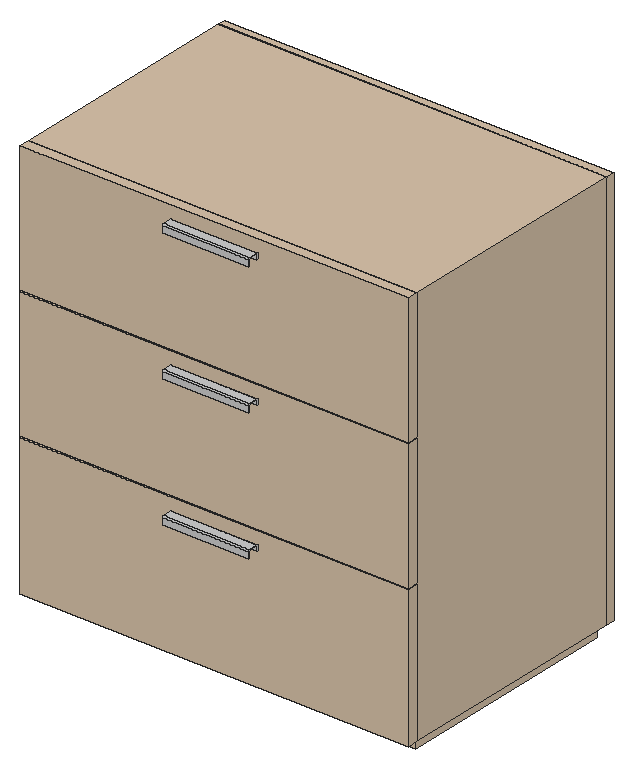
Revit family "Haworth_ComposeStorage_Lateral", category Furniture Systems, Revit 2018
Family settings
  Round Connector Dimension = Use Diameter
  Part Type = Normal
  OmniClass Number = 23.40.70.14.64.21
  OmniClass Title = Systems Furniture
  Work Plane-Based = No
  Always vertical = Yes
  Cut with Voids When Loaded = No
  Shared = No
  Room Calculation Point = No
Parameters (values of type "3 High 36w 24d Full Lateral")
  Width = 36"
  Warranty = "http://www.haworth.com/resources/product-info/warranties"
  URL - Product = "http://www.haworth.com/products/storage/cabinets-towers/compose"
  Two High = no
  Top Spacer = no
  Three High = yes
  Sustainability Info = "http://media.haworth.com/asset/2999/Compose%20PEDS.pdf"
  Spacer Finish = Haworth _ Wood _ White Oak
  Side Panel Base = not(or(Plynth Base, Chamfer Legs))  # yes
  Pull Finish = Haworth _ Metal _ Brushed Aluminum
  Plynth Base = no
  Patterns Pull = not(or(Linear Pull, J Pull, Crescent Pull, Classic Pull))  # yes
  Open Shelf Lateral = no
  One High = not(or(One And A Half High, Two High, Three High))  # no
  One And A Half High = no
  Model = "BZL"  # constant formula
  Min. Depth = 18"  # constant formula
  Max. Depth = 24"  # constant formula
  Linear Pull = no
  J Pull = no
  Finished Back = yes
  Drawer Two On = not(or(Drawer Two Off, One High))  # yes
  Drawer Two Off = or(and(Two High, Open Shelf Lateral), and(One And A Half High, Open Shelf Lateral))  # no
  Drawer Height Top = if(Plynth Base, 11 7/8", 12")  # 12"
  Drawer Height Middle = if(Base Low, if(One And A Half High, 8", if(Two High, 12", 12")), if(One And A Half High, 7 7/8", 11 7/8"))  # 12"
  Drawer Height Bottom = 13"  # constant formula
  Drawer Finish = Haworth _ Wood _ White Oak
  Doors = no
  Description = "Haworth - Compose Storage Lateral"  # constant formula
  Depth Adjuster = 1"  # constant formula
  Depth = 24"
  Shelf 2 Offet = (Door Height - 3/4") / 3  # 12.16667"
  Shelf 1 Offset = if(Two High, Door Height / 2, (Door Height - 3/4") / 3)  # 12.16667"
  Shelf 1 = Open Shelf Lateral  # no
  URL = "www.haworth.com"
  Size = "Verify Final Dim. w/ Haworth"  # constant formula
  Revision Number = "3"  # constant formula
  Min. Width = 30"  # constant formula
  Max. Width = 36"  # constant formula
  Min. Height = 14"  # constant formula
  Max. Height = 40"  # constant formula
  Manufacturer = "Haworth"  # constant formula
  Door Height = Actual Height - Spacer Height - Base Height  # 37 1/4"
  Custom Size = not(or(Width = 30", Width = 36"))  # no
  Crescent Pull = no
  Classic Pull = no
  Chamfer Legs = no
  Spacer Height = if(Top Spacer, 1 1/4", 0")  # 0"
  Cabinet Finish = Haworth _ Wood _ White Oak
  Base Low = or(Side Panel Base, Chamfer Legs)  # yes
  Base Height = if(Side Panel Base, 1", 1 1/4")  # 1"
  Base Finish = Haworth _ Wood _ White Oak
  Base = not(Chamfer Legs)  # yes
  Back Finish = Haworth _ Wood _ White Oak
  Author = "Haworth (Hampton), SHAPE Environments, LLC"  # constant formula
  Assembly Code = "E2020200"
  Standard Widths = "30, 36 in."  # constant formula
  Standard Depths = "18, 24 in."  # constant formula
  Standard Height = "14 1/4, 20, 26 1/4, 38 1/4 in."  # constant formula
  Actual Width = if(Width > Max. Width, Max. Width, if(Width < Min. Width, Min. Width, Width))  # 36"
  Actual Height = if(Top Spacer, if(One High, 14 1/4", if(One And A Half High, 22 1/4", if(Two High, 26 1/4", 38 1/4"))) + 1 1/4", if(One High, 14 1/4", if(One And A Half High, 22 1/4", if(Two High, 26 1/4", 38 1/4"))))  # 38 1/4"
  Actual Depth = if(Depth > Max. Depth, Max. Depth - 1", if(Depth < Min. Depth, Min. Depth - 1", Depth - 1"))  # 23"
Types (6): name | Two High | Three High | Open Shelf Lateral | One High | One And A Half High | Drawer Two On | Drawer Two Off | Drawer Height Middle | Shelf 2 Offet | Shelf 1 Offset | Shelf 1 | Door Height | Actual Height
  3 High 36w 24d Full Lateral | no | yes | no | no | no | yes | no | 12" | 12.16667" | 12.16667" | no | 37 1/4" | 38 1/4"
  2 High 36w 24d Full Lateral | yes | no | no | no | no | yes | no | 12" | 8.16667" | 12 5/8" | no | 25 1/4" | 26 1/4"
  1 High 36w 24d Full Lateral | no | no | no | yes | no | no | no | 12" | 4.16667" | 4.16667" | no | 13 1/4" | 14 1/4"
  1.5 High 36w 24d Full Lateral | no | no | no | no | yes | yes | no | 8" | 6.83333" | 6.83333" | no | 21 1/4" | 22 1/4"
  2 High 36w 24d Open Shelf Lateral | yes | no | yes | no | no | no | yes | 12" | 8.16667" | 12 5/8" | yes | 25 1/4" | 26 1/4"
  1.5 High 36w 24d Open Shelf Lateral | no | no | yes | no | yes | no | yes | 8" | 6.83333" | 6.83333" | yes | 21 1/4" | 22 1/4"
Reference planes (in)
  plane 1 "Center F/B": y = 2
  plane 2 "Unit Bottom": z = 1
  plane 3 "Center L/R": x = 0.00055
  plane 4 "Unit Top": z = 38.25
  plane 5 "Base Bottom": z = 0
  plane 6 "Unit Left Edge": x = -17.99945
  plane 7 "Right": x = 18.00055
  plane 8 "Base Right Edge": x = 17.50055
  plane 9 "Left": x = -17.49945
  plane 10 "Base Rear Edge": y = 12.5
  plane 11 "Back": y = 13
  plane 12 "Base Front Edge": y = -8.5
  plane 13 "Face of Cabinet": y = -9
  plane 14 "Left Interior": x = -17.24918
  plane 15 "Right Interior": x = 17.25027
  plane 16 "Cabinet Interior Top": z = 37.5
  plane 17 "Cabinet Interior Bottom": z = 1.75
  plane 18: z = 38.25
  plane 19 "Front": y = -10
  plane 20: y = 13.75
  plane 21 "Back Panel Front": y = 11.625
  plane 22 "Back Panel Back": y = 12
  plane 23 "Drawer Placement 1": z = 14
  plane 24 "Drawer Placement 2": z = 14.125
  plane 25 "Drawer Placement 3": z = 26.125
  plane 26 "Drawer Placement 4": z = 26.25
Forms (in)
  Extrusion 1, solid, material "Haworth _ Wood _ White Oak" <- "Base Finish", visible <- "Base"
    sketch origin (0, 0, 0) x (1, 0, 0) y (0, 1, 0)
      loop
        line (17.50055, 12.5) -> (-17.49945, 12.5) -> (-17.49945, -8.5) -> (17.50055, -8.5) -> (17.50055, 12.5)
    from 0 to 1
  Extrusion 2, solid, material "Haworth _ Wood _ White Oak" <- "Cabinet Finish"
    sketch origin (0, 0, 0) x (1, 0, 0) y (0, 1, 0)
      loop
        line (-17.24918, 12) -> (-17.24918, 11.625) -> (17.25027, 11.625) -> (17.25027, 12) -> (-17.24918, 12)
    from 1.75 to 37.5
  Extrusion 3, solid, material "Haworth _ Wood _ White Oak" <- "Cabinet Finish"
    sketch origin (0, 13, 0) x (1, 0, 0) y (0, 0, 1)
      loop
        line (-17.99945, 38.25) -> (-17.99945, 1) -> (18, 1) -> (18, 38.25) -> (-17.99945, 38.25)
      loop
        line (-17.24945, 37.5) -> (-17.24945, 1.75) -> (17.24945, 1.75) -> (17.24945, 37.5) -> (-17.24945, 37.5)
    from 0 to 22
  Extrusion 4, solid, material "Haworth _ Wood _ White Oak" <- "Spacer Finish", visible <- "Top Spacer"
    sketch origin (-14.065, -180, 38.25) x (-1, 0, 0) y (0, -1, 0)
      loop
        line (-31.56555, -192.5) -> (3.43445, -192.5) -> (3.43445, -171.5) -> (-31.56555, -171.5) -> (-31.56555, -192.5)
    from 0 to 1.25
  Extrusion 5, solid, material "Haworth _ Wood _ White Oak" <- "Back Finish", visible <- "Finished Back"
    sketch origin (0, 13, 0) x (1, 0, 0) y (0, 0, 1)
      loop
        line (-17.99945, 38.25) -> (-17.99945, 1) -> (18.00055, 1) -> (18.00055, 38.25) -> (-17.99945, 38.25)
    from 0 to -0.75
Lines and regions (in)
  Masking region 1
    outline origin (0, 0, 0) x (1, 0, 0) y (0, 1, 0)
      loop
        line (-17.99945, 13) -> (-17.99945, -9) -> (18.00055, -9) -> (18.00055, 13) -> (-17.99945, 13)
  Masking region 2, visible <- "Finished Back"
    outline origin (0, 0, 0) x (1, 0, 0) y (0, 1, 0)
      loop
        line (-17.99945, 13.75) -> (-17.99945, 13) -> (18.00055, 13) -> (18.00055, 13.75) -> (-17.99945, 13.75)
  symbolic lines, style "Haworth", visible <- "Doors"
    curve 1: line (18.00055, -10, 0) -> (-17.99945, -10, 0)
    curve 2: line (18.00055, -10, 0) -> (18.00055, -9, 0)
    curve 3: line (-17.99945, -10, 0) -> (-17.99945, -9, 0)
    curve 4: line (0.00055, -10, 0) -> (0.00055, -9, 0)
Dimensions and locks (in)
  equal spacing: plane 6 "Unit Left Edge", plane 3 "Center L/R", plane 7 "Right"
  "Actual Width": plane 6 "Unit Left Edge" to plane 7 "Right"
  equal spacing: plane 13 "Face of Cabinet", plane 1 "Center F/B", plane 11 "Back"
  "Actual Depth": plane 19 "Front" to plane 11 "Back"
  "Actual Height": plane 18 to level
  Extrusion 3 to plane 7 "Right" = 0.75109"
  locked: plane 6 "Unit Left Edge" to Extrusion 3 at 0.75
  locked: plane 6 "Unit Left Edge" to plane 9 "Left" at 0.5
  locked: plane 8 "Base Right Edge" to plane 7 "Right" at 0.5
  locked: plane 13 "Face of Cabinet" to plane 12 "Base Front Edge" at 0.5
  locked: plane 6 "Unit Left Edge" to plane 14 "Left Interior" at 0.75027
  locked: plane 15 "Right Interior" to plane 7 "Right" at 0.75027
  locked: plane 17 "Cabinet Interior Bottom" to plane 2 "Unit Bottom" at 0.75
  locked: plane 10 "Base Rear Edge" to plane 11 "Back" at 0.5
  "Base Height": plane 2 "Unit Bottom" to level
  "Spacer Height": plane 18 to plane 4 "Unit Top"
  locked: plane 4 "Unit Top" to plane 16 "Cabinet Interior Top" at 0.75
  "Depth Adjuster": plane 19 "Front" to plane 13 "Face of Cabinet"
  plane 20 to plane 11 "Back" = 3/4"
  plane 11 "Back" to plane 22 "Back Panel Back" to plane 21 "Back Panel Front" = 1", 3/8"
  "Drawer Height Bottom": plane 23 "Drawer Placement 1" to plane 2 "Unit Bottom"
  plane 24 "Drawer Placement 2" to plane 23 "Drawer Placement 1" = 1/8"
  plane 26 "Drawer Placement 4" to plane 25 "Drawer Placement 3" = 1/8"
  "Drawer Height Middle": plane 25 "Drawer Placement 3" to plane 24 "Drawer Placement 2"
  plane 7 "Right" to plane 3 "Center L/R" = 18"
  aligned: Extrusion 1 to level
  aligned: plane 4 "Unit Top" to Extrusion 3  (x3)
  aligned: level to Extrusion 1
  aligned: Extrusion 2 to Extrusion 3  (x4)
  aligned: Extrusion 3 to plane 11 "Back"  (x2)
  aligned: Extrusion 2 to plane 11 "Back"  (x2)
  aligned and locked: Extrusion 1 to plane 10 "Base Rear Edge"
  aligned and locked: plane 9 "Left" to Extrusion 1
  aligned and locked: plane 8 "Base Right Edge" to Extrusion 1
  aligned: plane 7 "Right" to Extrusion 3
  aligned: plane 6 "Unit Left Edge" to Extrusion 3
  aligned: plane 13 "Face of Cabinet" to Extrusion 3  (x2)
  aligned and locked: plane 12 "Base Front Edge" to Extrusion 1
  aligned: plane 2 "Unit Bottom" to Extrusion 3
  aligned: Extrusion 1 to plane 5 "Base Bottom"  (x2)
  aligned: plane 2 "Unit Bottom" to Extrusion 1  (x2)
  aligned and locked: plane 15 "Right Interior" to Extrusion 2
  aligned and locked: Extrusion 2 to plane 14 "Left Interior"
  aligned: Extrusion 3 to plane 2 "Unit Bottom"
  aligned: plane 3 "Center L/R" to nested 1
  aligned: nested 1 to plane 15 "Right Interior"
  aligned: nested 1 to plane 14 "Left Interior"
  aligned: plane 16 "Cabinet Interior Top" to Extrusion 3
  aligned: plane 17 "Cabinet Interior Bottom" to Extrusion 3
  aligned and locked: nested 1 to plane 13 "Face of Cabinet"
  aligned and locked: level to plane 5 "Base Bottom"
  aligned and locked: nested 1 to plane 14 "Left Interior"
  aligned and locked: nested 1 to plane 15 "Right Interior"
  aligned and locked: plane 16 "Cabinet Interior Top" to Extrusion 3 sketch curve
  aligned and locked: plane 16 "Cabinet Interior Top" to Extrusion 2
  aligned and locked: plane 2 "Unit Bottom" to Extrusion 1
  aligned and locked: Extrusion 2 to plane 17 "Cabinet Interior Bottom"
  aligned and locked: Masking region 1 sketch curve to Extrusion 3  (x2)
  aligned and locked: plane 13 "Face of Cabinet" to Extrusion 3
  aligned and locked: plane 13 "Face of Cabinet" to nested 3
  aligned and locked: plane 6 "Unit Left Edge" to nested 3
  aligned and locked: plane 7 "Right" to nested 5
  aligned and locked: nested 5 to plane 13 "Face of Cabinet"
  aligned and locked: nested 2 to plane 6 "Unit Left Edge"
  aligned and locked: nested 4 to plane 7 "Right"
  aligned and locked: plane 11 "Back" to nested 2
  aligned and locked: nested 4 to plane 11 "Back"
  aligned and locked: Extrusion 5 sketch curve to Extrusion 3  (x2)
  aligned and locked: Extrusion 5 sketch curve to nested 4
  aligned and locked: plane 20 to Extrusion 5
  aligned and locked: Masking region 2 sketch curve to plane 7 "Right"
  aligned and locked: plane 6 "Unit Left Edge" to Masking region 2 sketch curve
  aligned and locked: Masking region 2 sketch curve to plane 11 "Back"
  aligned and locked: Masking region 2 sketch curve to plane 20
  aligned and locked: Extrusion 2 to plane 22 "Back Panel Back"
  aligned and locked: plane 21 "Back Panel Front" to Extrusion 2
  aligned and locked: nested 1 to plane 21 "Back Panel Front"
  aligned and locked: plane 2 "Unit Bottom" to Extrusion 5 sketch curve
  aligned and locked: plane 3 "Center L/R" to nested 6
  aligned and locked: plane 13 "Face of Cabinet" to nested 6
  aligned and locked: plane 2 "Unit Bottom" to nested 6
  aligned and locked: plane 3 "Center L/R" to nested 7
  aligned and locked: plane 13 "Face of Cabinet" to nested 7
  aligned and locked: nested 7 to plane 24 "Drawer Placement 2"
  aligned and locked: plane 3 "Center L/R" to nested 8
  aligned and locked: plane 13 "Face of Cabinet" to nested 8
  aligned and locked: nested 8 to plane 26 "Drawer Placement 4"
  aligned and locked: nested 1 to plane 23 "Drawer Placement 1"
  aligned and locked: Extrusion 1 to plane 5 "Base Bottom"
  aligned and locked: Extrusion 4 to plane 18
  aligned and locked: Extrusion 4 to plane 10 "Base Rear Edge"
  aligned and locked: plane 12 "Base Front Edge" to Extrusion 4
Automatic sketch dimensions
  Extrusion 1 sketch curve to plane 9 "Left" = 0"
  Extrusion 1 sketch curve to plane 8 "Base Right Edge" = 0"
  plane 12 "Base Front Edge" to Extrusion 1 sketch curve = 0"
  plane 10 "Base Rear Edge" to Extrusion 1 sketch curve = 0"
  Extrusion 2 sketch curve to plane 14 "Left Interior" = 0"
  plane 11 "Back" to Extrusion 2 sketch curve = 1"
  Extrusion 2 sketch curve to plane 15 "Right Interior" = 0"
  Extrusion 3 sketch curve to plane 2 "Unit Bottom" = 0"
  Extrusion 3 sketch curve to plane 6 "Unit Left Edge" = 0"
  Extrusion 3 sketch curve to plane 17 "Cabinet Interior Bottom" = 0"
  plane 4 "Unit Top" to Extrusion 3 sketch curve = 0"
  plane 14 "Left Interior" to Extrusion 3 sketch curve = 0.00027"
  plane 15 "Right Interior" to Extrusion 3 sketch curve = 0.00082"
  Extrusion 3 sketch curve to plane 7 "Right" = 0.00055"
  Extrusion 4 sketch curve to plane 8 "Base Right Edge" = 0"
  plane 9 "Left" to Extrusion 4 sketch curve = 0"
  plane 10 "Base Rear Edge" to Extrusion 4 sketch curve = 0"
  plane 12 "Base Front Edge" to Extrusion 4 sketch curve = 0"
  plane 13 "Face of Cabinet" to curve 3 = 0"
  plane 13 "Face of Cabinet" to curve 4 = 0"
  plane 13 "Face of Cabinet" to curve 2 = 0"
  curve 4 to curve 4 = 1"
  Extrusion 2 sketch curve to Extrusion 2 sketch curve = 3/8"
  curve 4 to plane 3 "Center L/R" = 0"
  curve 2 to plane 7 "Right" = 0"
  Masking region 1 sketch curve to plane 7 "Right" = 0"
  plane 13 "Face of Cabinet" to Masking region 1 sketch curve = 0"
  curve 1 to plane 6 "Unit Left Edge" = 0"
Nested families (in)
  nested 1: "Haworth_Shelf" at (-8.24945, -2.9375, 13.25), visible <- "Shelf 1", type "Haworth_Shelf"
    with Shelf Width 34.49945", Shelf Thickness 3/4", Shelf Depth 20 5/8"
  nested 2: "Haworth_Feet" at (-17.06195, 13, 0), visible <- "Chamfer Legs", type "Haworth_Feet"
  nested 3: "Haworth_Feet" at (-17.06195, -9, 0), visible <- "Chamfer Legs", type "Haworth_Feet"
  nested 4: "Haworth_Feet" at (17.06305, 13, 0) x (-1, 0, 0) z (0, 0, 1), visible <- "Chamfer Legs", type "Haworth_Feet"
  nested 5: "Haworth_Feet" at (17.06305, -9, 0) x (-1, 0, 0) z (0, 0, 1), visible <- "Chamfer Legs", type "Haworth_Feet"
  nested 6: "Haworth_Drawer" at (0.00055, -9, 1), type "Haworth_Drawer_Bottom"
    with J Pull Drawer no, Drawer Height 13"
  nested 7: "Haworth_Drawer" at (0.00055, -9, 14.125), visible <- "Drawer Two On", type "Haworth_Drawer_Middle"
    with J Pull Drawer no
  nested 8: "Haworth_Drawer" at (0.00055, -9, 26.25), visible <- "Three High", type "Haworth_Drawer_Top"
    with J Pull Drawer no
Definition of nested family "Haworth_Shelf"
  Parameters
    Width = 0"
    Warranty = ""
    URL - Product = ""
    URL = "www.haworth.com"
    Sustainability Info = ""
    Size = "Verify Final Dim. w/ Haworth"  # constant formula
    Shelf Thickness [instance] = 3/4"
    Shelf Finish = none
    Revision Number = ""
    Shelf Width [instance] = 12"
    Shelf Depth [instance] = 12"
    OmniClass Number = ""
    Min/Max Width = ""
    Min/Max Height = ""
    Min. Width = 0"
    Max. Width = 0"
    Min. Height = 0"
    Max. Height = 0"
    Material Options = ""
    Manufacturer = "Haworth"  # constant formula
    LEED Data = ""
    Height = 0"
    Author = "SHAPE Environments, LLC"  # constant formula
    Assembly Code = ""
    Actual Width = 0"
    Actual Height = 0"
  Reference planes (in)
    plane 1 "Center F/B": y = 4.25
    plane 2: z = 0
    plane 3 "Center L/R": x = 8.25
    plane 4 "Panel Left": x = 2.25
    plane 5 "Panel Right": x = 14.25
    plane 6 "Panel Back": y = 10.25
    plane 7 "Panel Front": y = -1.75
    plane 8 "Panel Top": z = 0.75
  Forms (in)
    Extrusion 1, solid, material <- "Shelf Finish"
      sketch origin (0, 0, 0) x (1, 0, 0) y (0, 1, 0)
        loop
          line (2.25, 10.25) -> (2.25, -1.75) -> (14.25, -1.75) -> (14.25, 10.25) -> (2.25, 10.25)
      from 0 to 0.75
  Dimensions and locks (in)
    equal spacing: plane 6 "Panel Back", plane 1 "Center F/B", plane 7 "Panel Front"
    "Shelf Depth": plane 6 "Panel Back" to plane 7 "Panel Front"
    equal spacing: plane 4 "Panel Left", plane 3 "Center L/R", plane 5 "Panel Right"
    "Shelf Width": plane 4 "Panel Left" to plane 5 "Panel Right"
    "Shelf Thickness": plane 8 "Panel Top" to level
    aligned and locked: plane 4 "Panel Left" to Extrusion 1 sketch curve
    aligned and locked: Extrusion 1 sketch curve to plane 6 "Panel Back"
    aligned and locked: plane 7 "Panel Front" to Extrusion 1 sketch curve
    aligned and locked: Extrusion 1 sketch curve to plane 5 "Panel Right"
    aligned and locked: plane 8 "Panel Top" to Extrusion 1
Definition of nested family "Haworth_Feet"
  Parameters
    URL = "www.haworth.com"
    Sustainability Info = ""
    Material Options = ""
    Manufacturer = "Haworth"  # constant formula
    LEED Data = ""
    Foot Height = 1"
    Foot Finish = none
    Author = "SHAPE Environments, LLC"  # constant formula
    Assembly Code = ""
  Reference planes (in)
    plane 1 "Center F/B": y = 0
    plane 2: z = 0
    plane 3 "Center L/R": x = 0
    plane 4: z = 1
  Forms (in)
    Extrusion 1, solid, material <- "Foot Finish"
      sketch origin (-0.14373, 0, 0) x (0, 1, 0) y (0, 0, 1)
        loop
          line (-1.29167, 0.25) -> (-1.25, 0) -> (0, 0) -> (0, 1) -> (-3.75, 1) -> (-3.75, 0.5) -> (-1.54167, 0.5)
          arc (-1.54167, 0.5) -> (-1.36489, 0.42678) -> (-1.29167, 0.25) r 0.25
      from -0.79377 to 1.08123
  Dimensions and locks (in)
    "Foot Height": plane 4 to level
    plane 1 "Center F/B" to Extrusion 1 sketch curve = 3 3/4"
    locked: level to Extrusion 1 sketch curve (angle 80.5377°)
  Automatic sketch dimensions
    Extrusion 1 sketch curve to level = 0"
    Extrusion 1 sketch curve to plane 1 "Center F/B" = 0"
    plane 1 "Center F/B" to Extrusion 1 sketch curve = 1 1/4"
    Extrusion 1 sketch curve to Extrusion 1 sketch curve = 1/4"
    plane 4 to Extrusion 1 sketch curve = 0"
    plane 4 to Extrusion 1 sketch curve = 3/4"
Definition of nested family "Haworth_Drawer"
  Parameters
    Pull Taper = no
    Pull Radius = no
    Pull Patterns = yes
    Pull Linear = no
    Pull Height = 1 7/16"
    Pull Finish = none
    Pull Ellipse = no
    Pull Crescent = no
    Pull Classic = no
    J Pull Drawer [instance] = J Pull  # no
    J Pull = no
    Integral Pull Location = if(Integral Pull, 3 5/8", 1")  # 1"
    Integral Pull = no
    Front Finish = none
    Drawer Width = 36"
    Flush Drawer = not(J Pull)  # yes
    Drawer Height = 12"
    Drawer Finish = none
    Drawer Depth = 1"
    Assembly Code = ""
  Reference planes (in)
    plane 1 "Drawer Back": y = 0
    plane 2: z = 0
    plane 3 "Center L/R": x = 0
    plane 4 "Drawer Front": y = -1
    plane 5 "Left": x = -18
    plane 6 "Right": x = 18
    plane 7 "Top": z = 12
    plane 8: y = -4
    plane 9: y = -3
    plane 10 "Integral Top": z = 10.28125
    plane 11 "Pull Location": z = 10.5625
    plane 12 "Integral Bottom": z = 10.84375
  Forms (in)
    Extrusion 1, solid, material <- "Drawer Finish", visible <- "J Pull Drawer"
      sketch origin (-18, 0, 0) x (0, 1, 0) y (0, 0, 1)
        loop
          line (0, 12) -> (-0.25, 12) -> (-0.25, 11.4375) -> (-1, 11.4375) -> (-1, 0) -> (0, 0) -> (0, 12)
      from 0 to 36
    Extrusion 2, solid, material <- "Drawer Finish", visible <- "Flush Drawer"
      sketch origin (-18, 0, 2.25) x (0, 1, 0) y (0, 0, 1)
        loop
          line (0, 9.75) -> (-1, 9.75) -> (-1, -2.25) -> (0, -2.25) -> (0, 9.75)
      from 0 to 36
    Extrusion 3, void
      sketch origin (0, -1, 0) x (-1, 0, 0) y (0, 0, 1)
        loop
          line (4, 10.28125) -> (4, 10.84375) -> (-4, 10.84375) -> (-4, 10.28125) -> (4, 10.28125)
      from -3.25 to -2
  Cuts and joins
    Extrusion 3 cuts Extrusion 1
    Extrusion 3 cuts Extrusion 2
  Dimensions and locks (in)
    equal spacing: plane 5 "Left", plane 3 "Center L/R", plane 6 "Right"
    "Drawer Width": plane 5 "Left" to plane 6 "Right"
    "Drawer Depth": plane 1 "Drawer Back" to plane 4 "Drawer Front"
    "Drawer Height": plane 7 "Top" to level
    locked: plane 8 to plane 1 "Drawer Back" at 4
    "Integral Pull Location": plane 8 to plane 9
    equal spacing: Extrusion 3 sketch curve, plane 3 "Center L/R", Extrusion 3 sketch curve
    locked: Extrusion 3 sketch curve to Extrusion 3 sketch curve at 8
    "Pull Height": plane 7 "Top" to plane 11 "Pull Location"
    equal spacing: plane 12 "Integral Bottom", plane 11 "Pull Location", plane 10 "Integral Top"
    locked: plane 12 "Integral Bottom" to plane 10 "Integral Top" at 0.5625
    aligned and locked: Extrusion 1 sketch curve to plane 1 "Drawer Back"
    aligned and locked: Extrusion 1 sketch curve to plane 2
    aligned and locked: Extrusion 1 sketch curve to plane 4 "Drawer Front"
    aligned and locked: Extrusion 1 to plane 6 "Right"
    aligned and locked: Extrusion 2 to plane 6 "Right"
    aligned and locked: plane 1 "Drawer Back" to Extrusion 2 sketch curve
    aligned and locked: plane 7 "Top" to Extrusion 2 sketch curve
    aligned and locked: level to Extrusion 2 sketch curve
    aligned and locked: Extrusion 2 sketch curve to plane 4 "Drawer Front"
    aligned: plane 7 "Top" to nested 1
    aligned: Extrusion 3 to plane 8
    aligned: plane 9 to Extrusion 3
    aligned and locked: nested 1 to plane 4 "Drawer Front"
    aligned and locked: plane 12 "Integral Bottom" to Extrusion 3 sketch curve
    aligned and locked: nested 1 to plane 11 "Pull Location"
    aligned and locked: plane 3 "Center L/R" to nested 1
    aligned and locked: plane 9 to Extrusion 3
  Automatic sketch dimensions
    Extrusion 1 sketch curve to plane 7 "Top" = 0"
    plane 1 "Drawer Back" to Extrusion 1 sketch curve = 1/4"
    Extrusion 1 sketch curve to Extrusion 1 sketch curve = 9/16"
    Extrusion 3 sketch curve to plane 10 "Integral Top" = 0"
  Nested families (in)
    nested 1: "Haworth_Drawer-Pulls" at (0, -1, 10.5625), type "Pull"
      with Patterns yes, Linear no
  Definition of nested family "Haworth_Drawer-Pulls"
    Parameters
      Taper = no
      Radius = no
      Patterns = no
      Linear = yes
      Handle Finish = none
      Ellipse = no
      Cresent = no
      Classic = no
      Assembly Code = ""
    Reference planes (in)
      plane 1 "Center Front/Back": y = 0
      plane 2: z = 0
      plane 3 "Center Left/Right": x = 0
    Forms (in)
      Extrusion 1, solid, material <- "Handle Finish", visible <- "Ellipse"
        sketch origin (0, 0, 0.15915) x (0, 1, 0) y (0, 0, 1)
          loop
            arc (-0.03015, 0) -> (-0.26713, -0.02983) -> (-0.49038, -0.11475) r 1.00501
            arc (-0.49038, -0.11475) -> (-0.65216, -0.22112) -> (-0.78985, -0.35725) r 0.97894
            arc (-0.78985, -0.35725) -> (-0.87314, -0.47263) -> (-0.94033, -0.59807) r 1.0667
            arc (-0.94033, -0.59807) -> (-0.90977, -0.66145) -> (-0.84562, -0.63254) r 0.05041
            arc (-0.84562, -0.63254) -> (-0.67669, -0.39049) -> (-0.44702, -0.20509) r 1.04885
            arc (-0.44702, -0.20509) -> (-0.35012, -0.16094) -> (-0.24858, -0.12892) r 0.8735
            arc (-0.24858, -0.12892) -> (-0.16053, -0.15188) -> (-0.11419, -0.23018) r 0.11948
            arc (-0.11419, -0.23018) -> (-0.0664, -0.27738) -> (0, -0.26729) r 0.07488
            line (0, -0.26729) -> (0, -0.05102) -> (-0.03015, 0)
        from -6.51863 to 6.51698
      Extrusion 2, void
        sketch origin (0, 0, 0.15915) x (1, 0, 0) y (0, 1, 0)
          loop
            line (-6.49996, 0) -> (-6.67266, 0) -> (-6.67266, -1.11616) -> (6.67266, -1.11616) -> (6.67266, 0) -> (6.49996, 0)
            arc (6.49996, 0) -> (6.46575, -0.17809) -> (6.37201, -0.33332) r 0.51574
            arc (6.37201, -0.33332) -> (6.23583, -0.44508) -> (6.07096, -0.50713) r 0.54076
            arc (6.07096, -0.50713) -> (4.5721, -0.7479) -> (3.05951, -0.87689) r 20.46435
            arc (3.05951, -0.87689) -> (0, -0.95029) -> (-3.05951, -0.87689) r 63.79827
            arc (-3.05951, -0.87689) -> (-4.5721, -0.7479) -> (-6.07096, -0.50713) r 20.46435
            arc (-6.07096, -0.50713) -> (-6.23583, -0.44508) -> (-6.37201, -0.33332) r 0.54076
            arc (-6.37201, -0.33332) -> (-6.46575, -0.17809) -> (-6.49996, 0) r 0.51574
        from 0 to -0.90865
      Blend 3, solid, material <- "Handle Finish", visible <- "Radius"
        base sketch origin (0, 0, 0.3125) x (0, 1, 0) y (0, 0, -1)
          loop
            line (0, 0) -> (0, 0.625) -> (-0.40339, 0.625)
            arc (-0.40339, 0.625) -> (-0.71589, 0.3125) -> (-0.40339, 0) r 0.3125
            line (-0.40339, 0) -> (0, 0)
        top sketch origin (0, 0, 0.3125) x (0, 1, 0) y (0, 0, -1)
          loop
            line (0, 0) -> (0, 0.625) -> (-0.77884, 0.625)
            arc (-0.77884, 0.625) -> (-1.09134, 0.3125) -> (-0.77884, 0) r 0.3125
            line (-0.77884, 0) -> (0, 0)
        from -4.875 to -3.625
      Sweep 4, solid, material <- "Handle Finish", visible <- "Radius"
        path origin (0, 0, 0) x (1, 0, 0) y (0, 1, 0)
          loop
            arc (-4.875, -0.71589) -> (0, -1.5425) -> (4.875, -0.71589) r 14.78881
        profile origin (0, -1.5425, 0) x (0, 1, 0) y (0, 0, 1)
          loop
            circle (0.3125, 0) r 0.30469
      Extrusion 5, solid, material <- "Handle Finish", visible <- "Taper"
        sketch origin (0, 0, 0.27281) x (0, 1, 0) y (0, 0, 1)
          loop
            line (0, 0) -> (-0.875, 0)
            arc (-0.875, 0) -> (-0.96339, -0.03661) -> (-1, -0.125) r 0.125
            line (-1, -0.125) -> (-1, -0.7) -> (-0.96886, -0.7) -> (-0.96886, -0.1251)
            arc (-0.96886, -0.1251) -> (-0.94137, -0.05874) -> (-0.875, -0.03125) r 0.09386
            line (-0.875, -0.03125) -> (-0.03125, -0.03125) -> (-0.03125, -0.53) -> (0, -0.53) -> (0, 0)
        from -6.5565 to 6.5565
      Extrusion 6, void
        sketch origin (0, 0, 0.27281) x (1, 0, 0) y (0, 0, 1)
          loop
            arc (-5.23353, -0.7191) -> (-5.99714, -0.52453) -> (-6.57454, 0.01172) r 1.59575
            line (-6.57454, 0.01172) -> (-6.85981, 0.01172) -> (-6.85981, -1) -> (6.85981, -1) -> (6.85981, 0.01172) -> (6.57454, 0.01172)
            arc (6.57454, 0.01172) -> (5.99714, -0.52453) -> (5.23353, -0.7191) r 1.59575
            line (5.23353, -0.7191) -> (-5.23353, -0.7191)
        from 0 to 2.20115
      Sweep 7, solid, material <- "Handle Finish", visible <- "Cresent"
        path origin (0, 0, 0.125) x (1, 0, 0) y (0, 1, 0)
          loop
            arc (-3.80272, 0.04) -> (0, -1.24998) -> (3.80273, 0.04) r 6.25
        profile origin (0, -1.24998, 0.125) x (0, 1, 0) y (0, 0, 1)
          loop
            circle (0.125, -0.125) r 0.125
      Extrusion 8, void
        sketch origin (0, 0, 0.125) x (1, 0, 0) y (0, 1, 0)
          loop
            line (-3.94545, 0) -> (3.94399, 0) -> (3.94399, 0.32073) -> (-3.94545, 0.32073) -> (-3.94545, 0)
        from 0.03472 to -0.28458
      Extrusion 9, solid, material <- "Handle Finish", visible <- "Linear"
        sketch origin (0, 0, 0.125) x (1, 0, 0) y (0, 1, 0)
          loop
            line (-4, 0) -> (-4, -1.25) -> (4, -1.25) -> (4, 0) -> (3, 0) -> (3, -1) -> (-3, -1) -> (-3, 0) -> (-4, 0)
        from 0 to -0.25
      Extrusion 10, solid, material <- "Handle Finish", visible <- "Classic"
        sketch origin (0, 0, 0.375) x (1, 0, 0) y (0, 0, 1)
          loop
            line (-3.375, 0) -> (-3.375, -0.75)
            arc (-3.375, -0.75) -> (-3, -0.375) -> (-3.375, 0) r 0.375
        from 0 to 1
      Extrusion 11, solid, material <- "Handle Finish", visible <- "Classic"
        sketch origin (0, 0, 0.375) x (-1, 0, 0) y (0, 0, -1)
          loop
            arc (-3.375, 0) -> (-3, 0.375) -> (-3.375, 0.75) r 0.375
            line (-3.375, 0.75) -> (-3.375, 0)
        from 0 to 1
      Extrusion 12, solid, material <- "Handle Finish", visible <- "Classic"
        sketch origin (0, 0, 0.375) x (1, 0, 0) y (0, 0, 1)
          loop
            line (-3.375, 0) -> (-3.375, -0.75) -> (3.375, -0.75) -> (3.375, 0) -> (-3.375, 0)
        from 1 to 1.25
      Blend 13, solid, material <- "Handle Finish", visible <- "Radius"
        base sketch origin (0, 0, 0.3125) x (0, 1, 0) y (0, 0, 1)
          loop
            line (0, 0) -> (-0.40339, 0)
            arc (-0.40339, 0) -> (-0.71589, -0.3125) -> (-0.40339, -0.625) r 0.3125
            line (-0.40339, -0.625) -> (0, -0.625) -> (0, 0)
        top sketch origin (0, 0, 0.3125) x (0, 1, 0) y (0, 0, 1)
          loop
            line (0, 0) -> (-0.77884, 0)
            arc (-0.77884, 0) -> (-1.09134, -0.3125) -> (-0.77884, -0.625) r 0.3125
            line (-0.77884, -0.625) -> (0, -0.625) -> (0, 0)
        from -4.875 to -3.625
      Extrusion 14, solid, material <- "Handle Finish", visible <- "Patterns"
        sketch origin (0, 0, 0.27281) x (0, 1, 0) y (0, 0, 1)
          loop
            line (0, 0) -> (-0.875, 0)
            arc (-0.875, 0) -> (-0.96339, -0.03661) -> (-1, -0.125) r 0.125
            line (-1, -0.125) -> (-1, -0.7) -> (-0.96886, -0.7) -> (-0.96886, -0.1251)
            arc (-0.96886, -0.1251) -> (-0.94137, -0.05874) -> (-0.875, -0.03125) r 0.09386
            line (-0.875, -0.03125) -> (-0.03125, -0.03125) -> (-0.03125, -0.53) -> (0, -0.53) -> (0, 0)
        from -4 to 4
    Cuts and joins
      Extrusion 2 cuts Extrusion 1
      joined: Extrusion 10, Extrusion 11, Extrusion 12
      Extrusion 6 cuts Extrusion 5
      Extrusion 8 cuts Sweep 7
      joined: Blend 3, Sweep 4, Blend 13
